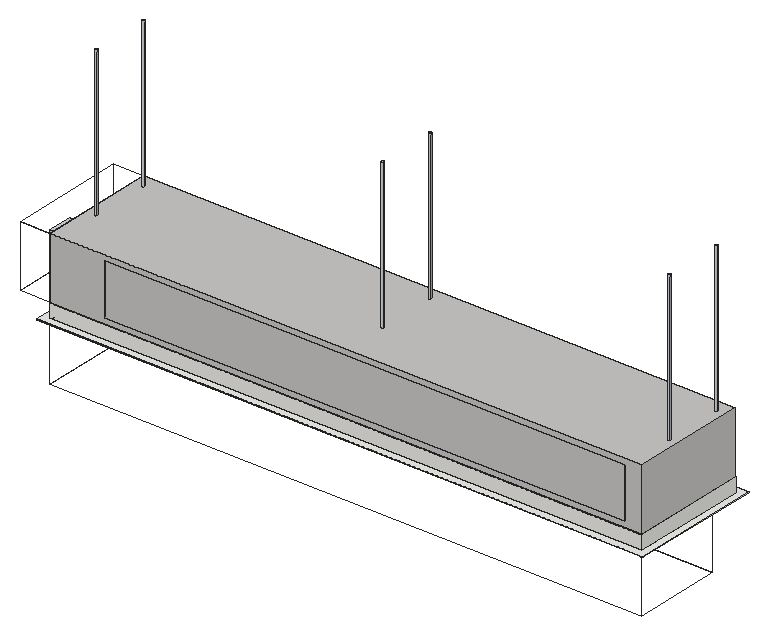
Revit family "AIRTECNICS_AIR CURTAIN_RECESSED OPTIMA_ELECTRICAL HEATED (E)_MONOPHASE123", category Equipos mecánicos, Revit 2016
Family settings
  Tipo de pieza = Normal
  Cota de conector redondo = Diámetro de uso
  Número OmniClass = 23.75.70.21.17
  Título OmniClass = Air Curtains
  Se basa en plano de trabajo = No
  Siempre vertical = Sí
  Corte con vacíos al cargar = No
  Compartido = No
  Punto de cálculo de habitación = No
Parameters (values of type "RO 2000 E230")
  · POSITION · [instance] = "-/ Select Curtain Position /-"  # constant formula
  · OTHERS · [instance] = "-/ Select Supports - Inst.Maint. Space /-"  # constant formula
  · HEATING · [instance] = "-/ Select Heating /-"  # constant formula
  Weight [instance] = size_lookup(Name_Lookup_Data, "Weight", 1.00 kg, COD)  # 53.50 kg
  Wall Supports (Horizontal) [instance] = no
  Voltage [instance] = 230 V  # constant formula
  URL_Manufacturer = "https://www.airtecnics.com"
  URL_Datasheet = "https://www.airtecnics.com/download/file/1945/recessed-optima.pdf"
  Supports Length [instance] = 500.0 mm
  Supports (Horizontal) [instance] = yes
  Revit Version = "Revit 2016 - English"  # constant formula
  Review Date = "11/2018"  # constant formula
  Remote Control = "IR-AIR"  # constant formula
  URL = "https://www.airtecnics.com/products/air-curtain-recessed-optima"
  Product Size = if(L = 1000.0 mm, "1000", if(L = 1500.0 mm, "1500", "2000"))  # "2000"
  Product Reference [instance] = size_lookup(Name_Lookup_Ref, "", "Consult Manufacturer", COD)  # "RO 2000 E230"
  Product Heating [instance] = if([E-230], "E-230", if([E-230-6 (only OPT 1500)], "E-230-6", if([E-230-9 (only OPT 1500)], "E-230-9", "Consult Manufacturer")))  # "E-230"
  Product Description [instance] = size_lookup(Name_Lookup_Data, "", "Consult Manufacturer", COD)  # "Self-supporting casing construction made of galvanized steel plate, ready to be installed recessed in a false ceiling. \r\nInlet grille (free of maintenance) made with aluminium profiles and blow-out nozzle, integrated in a single white frame colour RAL 9016. Other colours are available on request. \r\nAnodized aluminium outlet vanes, airfoil shaped.\r\nLow noise twisted cross-flow fans driven by a 2-speed external rotor motor.\r\n“E” type with electrical shielded elements, two stages with integrated regulation. \r\nIncludes Plug&Play control with 7m RJ45 cable and infrared remote control. Optional: Clever control (programmable, automatic, intelligent, energy saving, Modbus RTU for BMS…)\r\nAir Volume: 3200 m3/h \r\nFans:  0,16 kW  0,82 A 230Vx1 50Hz\r\nHeating power: 5,6/11,3 kW (230Vx1)\r\nDimensions: 446x259x2050 mm (depth, height, length)"
  Power Fans Factor [instance] = size_lookup(Name_Lookup_Data, "Power Factor", 1, COD)  # 0.85
  Power Fans [instance] = size_lookup(Name_Lookup_Data, "Power Fans", 1 kW, COD)  # 0.16 kW
  Power Factor [instance] = 1  # constant formula
  Noise Level (dB(A)) [instance] = size_lookup(Name_Lookup_Data, "Noise Level (dB(A))", 1, COD)  # 53
  Name_Lookup_Ref = "RO_(E-M)_Ref_Lookup"  # constant formula
  Name_Lookup_Data = "RO_(E-M)_Data_Lookup"  # constant formula
  Modelo = "Air Curtain RECESSED OPTIMA E Monophase"  # constant formula
  Material Grille = AIRTECNICS_Perforated_Recessed Optima_Galvanized Steel
  Material Curtain [instance] = AIRTECNICS_White RAL 9016
  Length = L + 50.0 mm + Depth - Depth  # 2050.0 mm
  Height = 259.0 mm  # constant formula
  Frequency = 50 Hz  # constant formula
  Fans Stage = 2  # constant formula
  Family Version = "1.0"  # constant formula
  Electrical Heating Capacity (kW) [instance] = if(COD = 11, "3.8/5.65", if(COD = 22, "3.8/5.65", if(COD = 42, "6/9", if(COD = 14, "5.65/11.3", "Consult Manufacturer"))))  # "5.65/11.3"
  Electrical + Current Fans [instance] = size_lookup(Name_Lookup_Data, "Electrical + Current Fans", 1 A, COD)  # 49.95 A
  E-230-9 (only OPT 1500) [instance] = no
  E-230-6 (only OPT 1500) [instance] = if(and(L = 1500.0 mm, not([E-230-9 (only OPT 1500)])), 1 = 1, 1 = 0)  # no
  E-230 [instance] = if(not(or([E-230-6 (only OPT 1500)], [E-230-9 (only OPT 1500)], L = 1500.0 mm)), 1 = 1, 1 = 0)  # yes
  Depth = 445.0 mm  # constant formula
  Current Fans [instance] = size_lookup(Name_Lookup_Data, "Current Fans", 1 A, COD)  # 0.82 A
  Created by = "BIMETRICAL"  # constant formula
  Control [instance] = "CE-2AO-IR"  # constant formula
  Cable = "CB7"  # constant formula
  COD [instance] = if(L = 1000.0 mm, 1, 0) + if(L = 1500.0 mm, 2, 0) + if(L = 2000.0 mm, 4, 0) + if([E-230], 10, 0) + if([E-230-6 (only OPT 1500)], 20, 0) + if([E-230-9 (only OPT 1500)], 40, 0)  # 14
  Aspiration/Maintenance Space [instance] = yes
  Airflow [instance] = size_lookup(Name_Lookup_Data, "Airflow", 1 m³/h, COD)  # 3200 m³/h
  L = 2000.0 mm
  Imagen de tipo = <Ninguno>
  IfcExportType = "ELECTRICHEATINGCOIL"  # constant formula
  IfcExportAs = "IfcCoilType"  # constant formula
  Horizontal [instance] = 1 = 1  # yes
  Fabricante = "AIRTECNICS"  # constant formula
  Description = ""
  Type Comments = "Self-supporting casing construction made of galvanized steel plate, ready to be installed recessed in a false ceiling. \r\nInlet grille (free of maintenance) made with aluminium profiles and blow-out nozzle, integrated in a single white frame colour RAL 9016. Other colours are available on request. \r\nAnodized aluminium outlet vanes, airfoil shaped.\r\nLow noise twisted cross-flow fans driven by a 2-speed external rotor motor.\r\n“P” type with water heated coil. “E” type with electrical shielded elements, two stages with integrated regulation. “A” type without heating, air only. \r\nIncludes Plug&Play control with 7m RJ45 cable and infrared remote control. Optional: Clever control (programmable, automatic, intelligent, energy saving, Modbus RTU for BMS…)\r\n"  # constant formula
  BIMETRICAL Category = "Coil"  # constant formula
  BIMETRICAL = "http://www.bimetrical.com"  # constant formula
  2nd power supply [instance] = size_lookup(Name_Lookup_Data, "2nd Stage", 1 VA, COD)  # 5600 VA
  1st power supply [instance] = size_lookup(Name_Lookup_Data, "1st Stage", 1 VA, COD)  # 5811 VA
Types (3, lengths in mm): name | Weight | Product Size | Product Reference | Product Heating | Product Description | Power Fans Factor | Power Fans | Noise Level (dB(A)) | Length | Electrical Heating Capacity (kW) | Electrical + Current Fans | E-230-9 (only OPT 1500) | E-230 | Current Fans | COD | Airflow | L | 2nd power supply | 1st power supply
  RO 1000 E230 | 26.00 kg | "1000" | "RO 1000 E230" | "E-230" | "Self-supporting casing construction made of galvanized steel plate, ready to be installed recessed in a false ceiling. \r\nInlet grille (free of maintenance) made with aluminium profiles and blow-out nozzle, integrated in a single white frame colour RAL 9016. Other colours are available on request. \r\nAnodized aluminium outlet vanes, airfoil shaped.\r\nLow noise twisted cross-flow fans driven by a 2-speed external rotor motor.\r\n“E” type with electrical shielded elements, two stages with integrated regulation. \r\nIncludes Plug&Play control with 7m RJ45 cable and infrared remote control. Optional: Clever control (programmable, automatic, intelligent, energy saving, Modbus RTU for BMS…)\r\nAir Volume: 1700 m3/h \r\nFans:  0,08 kW  0,41 A 230Vx1 50Hz\r\nHeating power: 3,8/5,6 kW (230Vx1)\r\nDimensions: 446x259x1050 mm (depth, height, length)" | 0.84 | 0.08 kW | 50 | 1050.0 | "3.8/5.65" | 24.97 A | no | yes | 0.41 A | 11 | 1700 m³/h | 1000.0 | 0 VA | 6080 VA
  RO 1500 E230 | 37.50 kg | "1500" | "RO 1500 E230-9" | "E-230-9" | "Self-supporting casing construction made of galvanized steel plate, ready to be installed recessed in a false ceiling. \r\nInlet grille (free of maintenance) made with aluminium profiles and blow-out nozzle, integrated in a single white frame colour RAL 9016. Other colours are available on request. \r\nAnodized aluminium outlet vanes, airfoil shaped.\r\nLow noise twisted cross-flow fans driven by a 2-speed external rotor motor.\r\n“E” type with electrical shielded elements, two stages with integrated regulation. \r\nIncludes Plug&Play control with 7m RJ45 cable and infrared remote control. Optional: Clever control (programmable, automatic, intelligent, energy saving, Modbus RTU for BMS…)\r\nAir Volume: 2200 m3/h \r\nFans:  0,117 kW  0,53 A 230Vx1 50Hz\r\nHeating power: 6/9 kW (230Vx1)\r\nDimensions: 446x259x1550 mm (depth, height, length)" | 0.96 | 0.117 kW | 51 | 1550.0 | "6/9" | 39.56 A | yes | no | 0.53 A | 42 | 2200 m³/h | 1500.0 | 3000 VA | 6117 VA
  RO 2000 E230 | 53.50 kg | "2000" | "RO 2000 E230" | "E-230" | "Self-supporting casing construction made of galvanized steel plate, ready to be installed recessed in a false ceiling. \r\nInlet grille (free of maintenance) made with aluminium profiles and blow-out nozzle, integrated in a single white frame colour RAL 9016. Other colours are available on request. \r\nAnodized aluminium outlet vanes, airfoil shaped.\r\nLow noise twisted cross-flow fans driven by a 2-speed external rotor motor.\r\n“E” type with electrical shielded elements, two stages with integrated regulation. \r\nIncludes Plug&Play control with 7m RJ45 cable and infrared remote control. Optional: Clever control (programmable, automatic, intelligent, energy saving, Modbus RTU for BMS…)\r\nAir Volume: 3200 m3/h \r\nFans:  0,16 kW  0,82 A 230Vx1 50Hz\r\nHeating power: 5,6/11,3 kW (230Vx1)\r\nDimensions: 446x259x2050 mm (depth, height, length)" | 0.85 | 0.16 kW | 53 | 2050.0 | "5.65/11.3" | 49.95 A | no | yes | 0.82 A | 14 | 3200 m³/h | 2000.0 | 5600 VA | 5811 VA
Reference planes
  plane 1 "Centro (Frontal/Posterior)": z = 0
  plane 2: y = 246.57
  plane 3 "Centro (Izquierda/Derecha)": x = 0
Dimensions and locks
  equal spacing: nested 1, plane 2, nested 1
Nested families
  nested 1: "GEOM_RECESSED OPTIMA_(A-E-P)" at (0, 246.57, -2), type "GEOM_RECESSED OPTIMA_(A-E-P)"
    with AMP no, VSUP2 yes, Number of Blades 9, L1 2050.0 mm, L 2000.0 mm, C 238.88 mm, A1 1938.0 mm, A 197.8 mm
Connectors
  electrical at (-1020, 114.32, 220.25), driven by "Voltage", driven by "1st power supply", driven by "2nd power supply"
    settings: on nested 1, index 1, voltage 230 V, apparent load 0 VA, apparent load phase1 5811 VA, apparent load phase2 5600 VA, apparent load phase3 0 VA, power factor 1, load classification "HVAC", number of poles 2, system type 31, power factor state 1, is connector primary yes, connector utility no, sub classification motor no, connector description ""
Definition of nested family "GEOM_RECESSED OPTIMA_(A-E-P)"
  Parameters (values of type "GEOM_RECESSED OPTIMA_(A-E-P)")
    Wall Supports (Horizontal) = no
    VSUP2 = if(and(Supports Length > 0.0 mm, L = 2000.0 mm, [Supports (Horizontal)]), 1 = 1, 1 = 0)  # no
    VSUP1 = if(and(Supports Length > 0.0 mm, [Supports (Horizontal)]), 1 = 1, 1 = 0)  # yes
    Supports Length = 500.0 mm
    Supports (Horizontal) = yes
    Revit Version = "Revit 2016 - English"  # constant formula
    Review Date = "10/2018"  # constant formula
    P2 = not(P1)  # no
    P1 = yes
    P = no
    Number of Blades = if(L = 1000.0 mm, 5, if(L = 1500.0 mm, 7, 9))  # 5
    Model = "RECESSED OPTIMA"  # constant formula
    Material Grille = none
    Material Curtain = none
    Manufacturer = "AIRTECNICS"  # constant formula
    L_sup = if(Supports Length = 0.0 mm, 1.0 mm, Supports Length)  # 500.0 mm
    L2 = if(P1, 85.0 mm, L1 - (120.0 mm))  # 85.0 mm
    L1 = L + 50.0 mm  # 1050.0 mm
    L = 1000.0 mm
    Family Version = "1.0"  # constant formula
    E = yes
    D_Con = 15 mm
    Created by = "BIMETRICAL"  # constant formula
    C = if(L = 1000.0 mm, 227.75 mm, if(L = 1500.0 mm, 235.1 mm, 238.88 mm))  # 227.75 mm
    BIMETRICAL = "http://www.bimetrical.com/"  # constant formula
    B1 = if(and([Wall Supports (Horizontal)], not([Supports (Horizontal)]), L = 2000.0 mm), 30.0 mm, 1.0 mm)  # 1.0 mm
    B = if([Supports (Horizontal)], 1.0 mm, if(not([Wall Supports (Horizontal)]), 1.0 mm, 30.0 mm))  # 1.0 mm
    Aspiration/Maintenance Space = yes
    AMP [instance] = if(and([Aspiration/Maintenance Space], P), 1 = 1, 1 = 0)  # no
    A1 = L - 62.0 mm  # 938.0 mm
    A-P = not(E)  # no
    A = (L - 22.0 mm) / (Number of Blades + 1)  # 163.0 mm
  Reference planes
    plane 1 "Centro (Frontal/Posterior)": y = 0
    plane 2: z = 0
    plane 3 "Centro (Izquierda/Derecha)": x = 0
    plane 4: x = -500
    plane 5: y = 222.5
    plane 6: x = 500
    plane 7: y = -222.5
    plane 8: y = 198
    plane 9: y = -198
    plane 10: x = -525
    plane 11: x = 525
    plane 12: z = 259
    plane 13: z = 50
    plane 14: z = 2
    plane 15: x = -501
    plane 16: x = 501
    plane 17: x = -469
    plane 18: x = 469
    plane 19: y = 157
    plane 20: y = -43
    plane 21: y = -43
    plane 22: y = 157
    plane 23: z = 90
    plane 24: z = 220
    plane 25: x = -469
    plane 26: x = 469
    plane 27: z = 220
    plane 28: z = 90
    plane 29: x = -455.5
    plane 30: x = -227.75
    plane 31: x = -440
    plane 32: y = -11
    plane 33: x = -405
    plane 34: y = -47
  Forms (mm)
    Extrusion 1, solid
      sketch origin (-1376.546, -1524, 259) x (-1, 0, 0) y (0, -1, 0)
        loop
          line (-876.546, -1721.5) -> (-876.546, -1326.5) -> (-1876.546, -1326.5) -> (-1876.546, -1721.5) -> (-876.546, -1721.5)
      from 0 to -209
    Sweep 2, solid, material <- "Material Curtain"
      path origin (-1376.546, -1524, 259) x (-1, 0, 0) y (0, -1, 0)
        loop
          line (-851.546, -1746.5) -> (-851.546, -1301.5) -> (-1901.546, -1301.5) -> (-1901.546, -1746.5) -> (-851.546, -1746.5)
      profile origin (-525, 0, 259) x (-1, 0, 0) y (0, 0, 1)
        loop
          line (0, -259) -> (0, -257) -> (-24, -257) -> (-24, -209) -> (-25, -209) -> (-25, -259) -> (0, -259)
    Extrusion 3, solid, visible <- "VSUP1"
      sketch origin (-1376.546, -1524, 259) x (-1, 0, 0) y (0, -1, 0)
        loop
          circle (-907.546, -1681) r 4
        loop
          circle (-907.546, -1481) r 4
        loop
          circle (-1845.546, -1681) r 4
        loop
          circle (-1845.546, -1481) r 4
      from 0 to 500
    Extrusion 4, solid, visible <- "VSUP2"
      sketch origin (-1376.546, -1524, 259) x (-1, 0, 0) y (0, -1, 0)
        loop
          circle (-1376.546, -1481) r 4
        loop
          circle (-1376.546, -1681) r 4
      from 0 to 500
    Extrusion 5, void
      sketch origin (-1802.24, 198, 1200) x (-1, 0, 0) y (0, 0, 1)
        loop
          circle (-1333.24, -980) r 4
        loop
          circle (-1333.24, -1110) r 4
        loop
          circle (-2271.24, -980) r 4
        loop
          circle (-2271.24, -1110) r 4
      from 23.5 to 24.5
    Extrusion 6, void
      sketch origin (-1802.24, 198, 1200) x (-1, 0, 0) y (0, 0, 1)
        loop
          circle (-1802.24, -980) r 4
        loop
          circle (-1802.24, -1110) r 4
      from 23.5 to 24.5
    Extrusion 7, solid, material <- "Material Curtain"
      sketch origin (0, 0, 0) x (0, 1, 0) y (0, 0, 1)
        loop
          line (117.506, 0.003) -> (120.506, 0.003) -> (120.506, 25.003) -> (117.506, 25.003) -> (117.506, 0.003)
        loop
          line (131.506, 0.003) -> (134.506, 0.003) -> (134.506, 25.003) -> (131.506, 25.003) -> (131.506, 0.003)
        loop
          line (145.506, 0.003) -> (148.506, 0.003) -> (148.506, 25.003) -> (145.506, 25.003) -> (145.506, 0.003)
        loop
          line (159.506, 0.003) -> (162.506, 0.003) -> (162.506, 25.003) -> (159.506, 25.003) -> (159.506, 0.003)
        loop
          line (173.501, 0.003) -> (176.501, 0.003) -> (176.501, 45.003) -> (173.501, 45.003) -> (173.501, 15.939) -> (173.501, 0.003)
        loop
          line (187.501, 0.003) -> (190.501, 0.003) -> (190.501, 25.003) -> (187.501, 25.003) -> (187.501, 0.003)
      from -500 to 500
    Extrusion 8, solid, material <- "Material Curtain"
      sketch origin (0, 0, 0) x (0, 1, 0) y (0, 0, 1)
        loop
          line (87.6, 2.798) -> (103.505, 15.003) -> (103.505, 25.003) -> (102.205, 25.003) -> (102.205, 15.644) -> (87.203, 4.132)
          arc (87.203, 4.132) -> (83.435, 1.976) -> (79.158, 1.238) r 12.5
          arc (79.158, 1.238) -> (78.507, 0.539) -> (79.256, -0.054) r 0.65
          arc (79.256, -0.054) -> (83.662, 0.688) -> (87.6, 2.798) r 13.8
        loop
          line (63.1, 2.798) -> (79.005, 15.003) -> (79.005, 25.003) -> (77.705, 25.003) -> (77.705, 15.644) -> (62.703, 4.132)
          arc (62.703, 4.132) -> (58.935, 1.976) -> (54.658, 1.238) r 12.5
          arc (54.658, 1.238) -> (54.007, 0.539) -> (54.756, -0.054) r 0.65
          arc (54.756, -0.054) -> (59.162, 0.688) -> (63.1, 2.798) r 13.8
        loop
          line (38.6, 2.798) -> (54.505, 15.003) -> (54.505, 25.003) -> (53.205, 25.003) -> (53.205, 15.644) -> (38.203, 4.132)
          arc (38.203, 4.132) -> (34.435, 1.976) -> (30.158, 1.238) r 12.5
          arc (30.158, 1.238) -> (29.507, 0.539) -> (30.256, -0.054) r 0.65
          arc (30.256, -0.054) -> (34.662, 0.688) -> (38.6, 2.798) r 13.8
        loop
          line (14.1, 2.798) -> (30.005, 15.003) -> (30.005, 25.003) -> (28.705, 25.003) -> (28.705, 15.644) -> (13.703, 4.132)
          arc (13.703, 4.132) -> (9.935, 1.976) -> (5.658, 1.238) r 12.5
          arc (5.658, 1.238) -> (5.007, 0.539) -> (5.756, -0.054) r 0.65
          arc (5.756, -0.054) -> (10.162, 0.688) -> (14.1, 2.798) r 13.8
        loop
          line (-10.4, 2.798) -> (5.505, 15.003) -> (5.505, 25.003) -> (4.205, 25.003) -> (4.205, 15.644) -> (-10.797, 4.132)
          arc (-10.797, 4.132) -> (-14.565, 1.976) -> (-18.842, 1.238) r 12.5
          arc (-18.842, 1.238) -> (-19.493, 0.539) -> (-18.744, -0.054) r 0.65
          arc (-18.744, -0.054) -> (-14.338, 0.688) -> (-10.4, 2.798) r 13.8
        loop
          line (-34.9, 2.798) -> (-18.995, 15.003) -> (-18.995, 25.003) -> (-20.295, 25.003) -> (-20.295, 15.644) -> (-35.297, 4.132)
          arc (-35.297, 4.132) -> (-39.065, 1.976) -> (-43.342, 1.238) r 12.5
          arc (-43.342, 1.238) -> (-43.993, 0.539) -> (-43.244, -0.054) r 0.65
          arc (-43.244, -0.054) -> (-38.838, 0.688) -> (-34.9, 2.798) r 13.8
        loop
          line (-59.4, 2.798) -> (-43.495, 15.003) -> (-43.495, 25.003) -> (-44.795, 25.003) -> (-44.795, 15.644) -> (-59.797, 4.132)
          arc (-59.797, 4.132) -> (-63.565, 1.976) -> (-67.842, 1.238) r 12.5
          arc (-67.842, 1.238) -> (-68.493, 0.539) -> (-67.744, -0.054) r 0.65
          arc (-67.744, -0.054) -> (-63.338, 0.688) -> (-59.4, 2.798) r 13.8
        loop
          line (-83.9, 2.798) -> (-67.995, 15.003) -> (-67.995, 25.003) -> (-69.295, 25.003) -> (-69.295, 15.644) -> (-84.297, 4.132)
          arc (-84.297, 4.132) -> (-88.065, 1.976) -> (-92.342, 1.238) r 12.5
          arc (-92.342, 1.238) -> (-92.993, 0.539) -> (-92.244, -0.054) r 0.65
          arc (-92.244, -0.054) -> (-87.838, 0.688) -> (-83.9, 2.798) r 13.8
        loop
          line (-108.4, 2.798) -> (-92.495, 15.003) -> (-92.495, 25.003) -> (-93.795, 25.003) -> (-93.795, 15.644) -> (-108.797, 4.132)
          arc (-108.797, 4.132) -> (-112.565, 1.976) -> (-116.842, 1.238) r 12.5
          arc (-116.842, 1.238) -> (-117.493, 0.539) -> (-116.744, -0.054) r 0.65
          arc (-116.744, -0.054) -> (-112.338, 0.688) -> (-108.4, 2.798) r 13.8
        loop
          line (-132.9, 2.798) -> (-116.995, 15.003) -> (-116.995, 25.003) -> (-118.295, 25.003) -> (-118.295, 15.644) -> (-133.297, 4.132)
          arc (-133.297, 4.132) -> (-137.065, 1.976) -> (-141.342, 1.238) r 12.5
          arc (-141.342, 1.238) -> (-141.993, 0.539) -> (-141.244, -0.054) r 0.65
          arc (-141.244, -0.054) -> (-136.838, 0.688) -> (-132.9, 2.798) r 13.8
        loop
          line (-157.4, 2.798) -> (-141.495, 15.003) -> (-141.495, 25.003) -> (-142.795, 25.003) -> (-142.795, 15.644) -> (-157.797, 4.132)
          arc (-157.797, 4.132) -> (-161.565, 1.976) -> (-165.842, 1.238) r 12.5
          arc (-165.842, 1.238) -> (-166.493, 0.539) -> (-165.744, -0.054) r 0.65
          arc (-165.744, -0.054) -> (-161.338, 0.688) -> (-157.4, 2.798) r 13.8
        loop
          line (-181.9, 2.798) -> (-165.995, 15.003) -> (-165.995, 25.003) -> (-167.295, 25.003) -> (-167.295, 15.644) -> (-182.297, 4.132)
          arc (-182.297, 4.132) -> (-186.065, 1.976) -> (-190.342, 1.238) r 12.5
          arc (-190.342, 1.238) -> (-190.993, 0.539) -> (-190.244, -0.054) r 0.65
          arc (-190.244, -0.054) -> (-185.838, 0.688) -> (-181.9, 2.798) r 13.8
      from -500 to 500
    Extrusion 9, solid
      sketch origin (0, 0, 0) x (0, 1, 0) y (0, 0, 1)
        loop
          line (106.505, 50) -> (103.505, 50) -> (103.505, 0) -> (106.505, 0) -> (106.505, 50)
      from -500 to 500
    Extrusion 10, solid
      sketch origin (-4, 0, -5.538) x (1, 0, 0) y (0, 1, 0)
        loop
          line (-455.5, 196.005) -> (-455.5, 106.505) -> (-447.5, 106.505) -> (-447.5, 196.005) -> (-455.5, 196.005)
      from 20.94 to 28.94
    Extrusion 11, solid
      sketch origin (223.75, 0, -5.538) x (1, 0, 0) y (0, 1, 0)
        loop
          line (-455.5, 196.005) -> (-455.5, 106.505) -> (-447.5, 106.505) -> (-447.5, 196.005) -> (-455.5, 196.005)
      from 20.94 to 28.94
    Extrusion 12, solid
      sketch origin (451.5, 0, -5.538) x (1, 0, 0) y (0, 1, 0)
        loop
          line (-455.5, 196.005) -> (-455.5, 106.505) -> (-447.5, 106.505) -> (-447.5, 196.005) -> (-455.5, 196.005)
      from 20.94 to 28.94
    Extrusion 13, solid
      sketch origin (679.25, 0, -5.538) x (1, 0, 0) y (0, 1, 0)
        loop
          line (-455.5, 196.005) -> (-455.5, 106.505) -> (-447.5, 106.505) -> (-447.5, 196.005) -> (-455.5, 196.005)
      from 20.94 to 28.94
    Extrusion 14, solid
      sketch origin (907, 0, -5.538) x (1, 0, 0) y (0, 1, 0)
        loop
          line (-455.5, 196.005) -> (-455.5, 106.505) -> (-447.5, 106.505) -> (-447.5, 196.005) -> (-455.5, 196.005)
      from 20.94 to 28.94
    Extrusion 15, void
      sketch origin (-1802.24, -198, 1200) x (-1, 0, 0) y (0, 0, -1)
        loop
          line (-1486.22, 960.7) -> (-1486.22, 1130.7) -> (-2244.49, 1130.7) -> (-2244.49, 960.7) -> (-1486.22, 960.7)
      from 0 to -10
    Extrusion 16, solid, material <- "Material Grille"
      sketch origin (-1802.24, -198, 1200) x (-1, 0, 0) y (0, 0, -1)
        loop
          line (-1486.22, 1130.7) -> (-2244.49, 1130.7) -> (-2244.49, 960.7) -> (-1486.22, 960.7) -> (-1486.22, 1130.7)
      from 0 to -10
    Extrusion 17, solid, visible <- "E"
      sketch origin (-500, 490.93, 1200) x (0, 1, 0) y (0, 0, 1)
        loop
          line (-580.68, -948.75) -> (-665.68, -948.75) -> (-665.68, -1006.75) -> (-580.68, -1006.75) -> (-580.68, -948.75)
      from 0 to -20
    Extrusion 18, solid, visible <- "P"
      sketch origin (-1376.546, -1524, 259) x (-1, 0, 0) y (0, -1, 0)
        loop
          circle (-971.546, -1477) r 7.5
        loop
          circle (-936.546, -1513) r 7.5
      from 0 to 15
    Extrusion 19, solid, visible <- "Aspiration/Maintenance Space"
      sketch origin (0, 0, 0) x (0, 1, 0) y (0, 0, 1)
        loop
          line (103.505, 0) -> (-198.495, 0) -> (-198.495, -200) -> (103.505, -200) -> (103.505, 0)
      from -500 to 500
    Extrusion 20, solid, visible <- "A-P"
      sketch origin (500, 490.93, 1200) x (0, 1, 0) y (0, 0, -1)
        loop
          line (-585.06, 1037.1) -> (-585.06, 1127.6) -> (-628.06, 1127.6) -> (-628.06, 1037.1) -> (-585.06, 1037.1)
      from 1020 to 1000
    Extrusion 21, solid, visible <- "Aspiration/Maintenance Space"
      sketch origin (0, 0, 0) x (-1, 0, 0) y (0, -1, 0)
        loop
          line (500, -198.5) -> (601, -198.5) -> (601, 198.5) -> (500, 198.5) -> (500, -198.5)
      from 50 to 259
    Extrusion 22, solid, visible <- "AMP"
      sketch origin (0, 0, 0) x (1, 0, 0) y (0, 0, 1)
        loop
          line (-500, 259) -> (500, 259) -> (500, 359) -> (-500, 359) -> (-500, 259)
      from -198 to 198
  Cuts and joins
    Extrusion 5, Extrusion 6, Extrusion 15 cuts Extrusion 1
  Lines and regions (mm)
    symbolic lines
      curve 1: line (-525, 222.5, 0) -> (525, 222.5, 0)
      curve 2: line (-525, -222.5, 0) -> (-525, 222.5, 0)
      curve 3: line (525, -222.5, 0) -> (-525, -222.5, 0)
      curve 4: line (525, 222.5, 0) -> (525, -222.5, 0)
      curve 5: line (-500, 197.5, 0) -> (500, 197.5, 0)
      curve 6: line (-500, -197.5, 0) -> (-500, 197.5, 0)
      curve 7: line (500, -197.5, 0) -> (-500, -197.5, 0)
      curve 8: line (500, 197.5, 0) -> (500, -197.5, 0)
      curve 11: line (-500, 103.505, 0) -> (500, 103.505, 0)
    symbolic lines, visible <- "P"
      curve 9: circle (-440, -11, 0) r 7.5 normal (0, 0, 1)
      curve 10: circle (-405, -47, 0) r 7.5 normal (0, 0, 1)
    symbolic lines, visible <- "Aspiration/Maintenance Space"
      curve 12: line (500, 0, -0.062) -> (500, 0, -200)
      curve 13: line (500, 0, -200) -> (-500, 0, -200)
      curve 14: line (-500, 0, -200) -> (-500, 0, -0.062)
      curve 15: line (0, 197.5, 259) -> (0, 197.5, 359)
      curve 16: line (0, 197.5, 359) -> (0, -197.5, 359)
      curve 17: line (0, -197.5, 359) -> (0, -197.5, 259)
      curve 18: line (0, 103.505, 0) -> (0, 103.505, -200)
      curve 19: line (0, 103.505, -200) -> (0, -198.495, -200)
      curve 20: line (0, -198.495, -200) -> (0, -198.495, 0)
      curve 21: line (-500, 0, 259) -> (-601, 0, 259)
      curve 22: line (-601, 0, 259) -> (-601, 0, 50)
      curve 23: line (-601, 0, 50) -> (-500, 0, 50)
      curve 27: line (-501, 198.5, 0) -> (-601, 198.5, 0)
      curve 28: line (-601, 198.5, 0) -> (-601, -198.5, 0)
      curve 29: line (-601, -198.5, 0) -> (-500, -198.5, 0)
    symbolic lines, visible <- "AMP"
      curve 24: line (-500, 0, 259) -> (-500, 0, 359)
      curve 25: line (-500, 0, 359) -> (500, 0, 359)
      curve 26: line (500, 0, 359) -> (500, 0, 259)
  Dimensions and locks
    equal spacing: plane 5, plane 1 "Centro (Frontal/Posterior)", plane 7
    equal spacing: plane 4, plane 3 "Centro (Izquierda/Derecha)", plane 6
    locked: plane 7 to plane 5 at 445
    "L": plane 4 to plane 6
    equal spacing: plane 10, plane 3 "Centro (Izquierda/Derecha)", plane 11
    "L1": plane 10 to plane 11
    equal spacing: plane 8, plane 1 "Centro (Frontal/Posterior)", plane 9
    plane 9 to plane 8 = 396.0 mm
    locked: plane 12 to level at 259
    locked: plane 13 to level at 50
    plane 14 to level = 2.0 mm
    locked: plane 4 to plane 15 at 1
    locked: plane 6 to plane 16 at 1
    equal spacing: plane 17, plane 3 "Centro (Izquierda/Derecha)", plane 18
    "A1": plane 17 to plane 18
    "L_sup": Extrusion 3 to plane 12
    "L_sup": Extrusion 4 to plane 12
    plane 23 to level = 90.0 mm
    plane 24 to plane 23 = 130.0 mm
    plane 12 to plane 24 = 39.0 mm
    equal spacing: plane 26, plane 3 "Centro (Izquierda/Derecha)", plane 25
    "A1": plane 26 to plane 25
    "B": plane 5 to Extrusion 5
    "B1": plane 5 to Extrusion 6
    plane 10 to cut or joined group of Extrusion 1, Extrusion 5, Extrusion 6, Extrusion 15 = 25.0 mm
    equal spacing: group 1, group 2, group 3, group 4, group 5  (x3)
    "C": plane 29 to plane 30
    locked: plane 10 to plane 29 at 69.5
    locked: Extrusion 10 sketch curve to Extrusion 10 sketch curve at 89.5
    locked: Extrusion 10 sketch curve to Extrusion 10 sketch curve at 8
    locked: Extrusion 11 sketch curve to Extrusion 11 sketch curve at 89.5
    locked: Extrusion 11 sketch curve to Extrusion 11 sketch curve at 8
    locked: Extrusion 12 sketch curve to Extrusion 12 sketch curve at 89.5
    locked: Extrusion 12 sketch curve to Extrusion 12 sketch curve at 8
    locked: Extrusion 13 sketch curve to Extrusion 13 sketch curve at 89.5
    locked: Extrusion 13 sketch curve to Extrusion 13 sketch curve at 8
    locked: Extrusion 14 sketch curve to Extrusion 14 sketch curve at 89.5
    locked: Extrusion 14 sketch curve to Extrusion 14 sketch curve at 8
    locked: Extrusion 10 to plane 29 at 4
    Extrusion 11 to plane 30 to Extrusion 11 = 4.0 mm locked, 4.0 mm locked
    locked: plane 12 to Extrusion 15 sketch curve at 19.7
    plane 12 to Extrusion 15 sketch curve = 189.7 mm
    locked: Extrusion 15 sketch curve to plane 4 at 183.98
    locked: Extrusion 15 sketch curve to plane 6 at 57.75
    "L2": plane 10 to plane 31
    locked: plane 31 to plane 33 at 35
    plane 7 to Extrusion 19 sketch curve to Extrusion 19 sketch curve = 24.005 mm, 302.0 mm locked
    locked: Extrusion 19 sketch curve to Extrusion 19 sketch curve at 200
    locked: Extrusion 17 sketch curve to Extrusion 17 sketch curve at 58
    locked: Extrusion 17 sketch curve to Extrusion 17 sketch curve at 85
    locked: Extrusion 17 sketch curve to plane 9 at 23.25
    locked: Extrusion 17 sketch curve to plane 13 at 143.25
    locked: Extrusion 20 sketch curve to Extrusion 20 sketch curve at 43
    locked: Extrusion 20 sketch curve to Extrusion 20 sketch curve at 90.5
    locked: Extrusion 20 sketch curve to plane 7 at 85.37
    locked: Extrusion 20 sketch curve to plane 13 at 22.4
    locked: plane 8 to plane 19 at 41
    locked: plane 20 to plane 19 at 200
    locked: plane 8 to plane 22 at 41
    locked: plane 22 to plane 21 at 200
    locked: plane 8 to plane 32 at 209
    locked: plane 8 to plane 34 at 245
    plane 4 to plane 31 = 60.0 mm
    Extrusion 22 sketch curve to Extrusion 21 = 100.0 mm
    "D_Con": diameter of Extrusion 18 sketch curve  (x2)
    aligned and locked: level to plane 2
    aligned and locked: plane 4 to Extrusion 1 sketch curve
    aligned and locked: plane 6 to Extrusion 1 sketch curve
    aligned and locked: Extrusion 1 to plane 13
    aligned and locked: plane 10 to Sweep 2 sketch curve
    aligned and locked: plane 11 to Sweep 2 sketch curve
    aligned and locked: Sweep 2 sketch curve to plane 10
    aligned and locked: plane 14 to Sweep 2 sketch curve
    aligned and locked: Sweep 2 sketch curve to level
    aligned and locked: plane 4 to Sweep 2 sketch curve
    aligned and locked: plane 13 to Sweep 2 sketch curve
    aligned and locked: plane 17 to Extrusion 3 sketch curve  (x2)
    aligned and locked: plane 18 to Extrusion 3 sketch curve  (x2)
    aligned and locked: plane 3 "Centro (Izquierda/Derecha)" to Extrusion 4 sketch curve  (x2)
    aligned and locked: plane 26 to Extrusion 5 sketch curve  (x2)
    aligned and locked: plane 25 to Extrusion 5 sketch curve  (x2)
    aligned and locked: plane 5 to Extrusion 6
    aligned and locked: Extrusion 1 sketch curve to Sweep 2  (x2)
    aligned and locked: Extrusion 7 to plane 4
    aligned and locked: Extrusion 7 to plane 6
    aligned and locked: Extrusion 8 to plane 6
    aligned and locked: Extrusion 8 to plane 4
    aligned and locked: Extrusion 9 to plane 6
    aligned and locked: Extrusion 9 to plane 4
    aligned and locked: Extrusion 16 sketch curve to cut or joined group of Extrusion 1, Extrusion 5, Extrusion 6, Extrusion 15  (x4)
    aligned and locked: plane 31 to Extrusion 18 sketch curve
    aligned and locked: Extrusion 18 sketch curve to plane 32
    aligned and locked: plane 33 to Extrusion 18 sketch curve
    aligned and locked: Extrusion 18 sketch curve to plane 34
    aligned and locked: Extrusion 19 to plane 6
    aligned and locked: Extrusion 19 to plane 4
    aligned and locked: curve 1 to Sweep 2
    aligned and locked: curve 2 to Sweep 2
    aligned and locked: curve 3 to Sweep 2
    aligned and locked: curve 4 to Sweep 2
    aligned and locked: curve 5 to Sweep 2
    aligned and locked: curve 6 to Sweep 2
    aligned and locked: curve 7 to Sweep 2
    aligned and locked: curve 8 to Sweep 2
    aligned and locked: curve 9 to Extrusion 18
    aligned and locked: curve 10 to Extrusion 18
    aligned and locked: curve 11 to Extrusion 8
    aligned and locked: plane 4 to Extrusion 20
    aligned and locked: Extrusion 17 to Extrusion 20
    aligned and locked: Extrusion 22 sketch curve to cut or joined group of Extrusion 1, Extrusion 5, Extrusion 6, Extrusion 15
    aligned and locked: Extrusion 22 sketch curve to plane 6
    aligned and locked: plane 8 to Extrusion 22
    aligned and locked: plane 9 to Extrusion 22
  Automatic sketch dimensions
    curve 22 to plane 13 = 0.0 mm
    curve 22 to plane 12 = 0.0 mm
    curve 14 to plane 4 = 0.0 mm
    curve 21 to plane 4 = 0.0 mm
    curve 23 to plane 4 = 0.0 mm
    plane 6 to curve 13 = 0.0 mm
    plane 6 to curve 25 = 0.0 mm
    curve 26 to plane 12 = 0.0 mm
    curve 21 to plane 10 = 76.0 mm
    curve 14 to level = 200.0 mm
    plane 12 to curve 25 = 100.0 mm
    curve 12 to level = 0.062 mm
    curve 14 to level = 0.062 mm
    curve 27 to plane 15 = 0.0 mm
    curve 29 to plane 4 = 0.0 mm
    plane 8 to curve 27 = 0.5 mm
    curve 27 to plane 10 = 76.0 mm
    plane 9 to curve 28 = 0.5 mm
    Sweep 2 sketch curve to plane 5 = 0.0 mm
    plane 7 to Sweep 2 sketch curve = 0.0 mm
    Sweep 2 sketch curve to Sweep 2 sketch curve = 1.0 mm
    Extrusion 4 sketch curve to plane 22 = 0.0 mm
    Extrusion 4 sketch curve to plane 21 = 0.0 mm
    Extrusion 6 sketch curve to plane 3 "Centro (Izquierda/Derecha)" = 0.0 mm  (x2)
    Extrusion 6 sketch curve to plane 28 = 0.0 mm
    Extrusion 6 sketch curve to plane 27 = 0.0 mm
    level to Extrusion 7 sketch curve = 0.003 mm  (x6)
    Extrusion 7 sketch curve to plane 8 = 80.494 mm
    Extrusion 7 sketch curve to Extrusion 7 sketch curve = 3.0 mm  (x6)
    Extrusion 7 sketch curve to Extrusion 7 sketch curve = 11.0 mm  (x3)
    Extrusion 7 sketch curve to Extrusion 7 sketch curve = 10.995 mm
    Extrusion 7 sketch curve to plane 8 = 10.499 mm
    plane 14 to Extrusion 7 sketch curve = 13.939 mm
    plane 14 to Extrusion 7 sketch curve = 23.003 mm
    Extrusion 7 sketch curve to Extrusion 7 sketch curve = 0.0 mm  (x3)
    Extrusion 7 sketch curve to Extrusion 7 sketch curve = 9.063 mm
    Extrusion 7 sketch curve to plane 13 = 4.997 mm
    level to Extrusion 8 sketch curve = 0.588 mm  (x12)
    Extrusion 8 sketch curve to plane 9 = 7.655 mm
    Extrusion 8 sketch curve to plane 9 = 7.699 mm
    Extrusion 8 sketch curve to Extrusion 8 sketch curve = 0.006 mm  (x12)
    plane 14 to Extrusion 8 sketch curve = 2.132 mm  (x12)
    Extrusion 8 sketch curve to Extrusion 8 sketch curve = 8.048 mm  (x12)
    plane 14 to Extrusion 8 sketch curve = 0.798 mm  (x12)
    Extrusion 8 sketch curve to Extrusion 8 sketch curve = 0.397 mm  (x12)
    Extrusion 8 sketch curve to Extrusion 8 sketch curve = 23.001 mm
    Extrusion 8 sketch curve to Extrusion 8 sketch curve = 1.3 mm  (x12)
    Extrusion 8 sketch curve to Extrusion 8 sketch curve = 0.15 mm  (x10)
    Extrusion 8 sketch curve to Extrusion 8 sketch curve = 0.193 mm  (x11)
    plane 14 to Extrusion 8 sketch curve = 13.644 mm  (x4)
    Extrusion 8 sketch curve to Extrusion 8 sketch curve = 15.002 mm  (x7)
    Extrusion 8 sketch curve to Extrusion 8 sketch curve = 23.2 mm  (x2)
    plane 1 "Centro (Frontal/Posterior)" to Extrusion 8 sketch curve = 20.295 mm
    Extrusion 8 sketch curve to plane 1 "Centro (Frontal/Posterior)" = 4.205 mm
    Extrusion 8 sketch curve to plane 1 "Centro (Frontal/Posterior)" = 5.655 mm
    plane 14 to Extrusion 8 sketch curve = 13.003 mm  (x2)
    plane 14 to Extrusion 8 sketch curve = 11.738 mm  (x8)
    Extrusion 8 sketch curve to Extrusion 8 sketch curve = 1.906 mm  (x3)
    Extrusion 8 sketch curve to Extrusion 8 sketch curve = 1.264 mm
    Extrusion 8 sketch curve to Extrusion 8 sketch curve = 0.008 mm  (x12)
    Extrusion 8 sketch curve to Extrusion 8 sketch curve = 1.257 mm  (x10)
    Extrusion 8 sketch curve to Extrusion 8 sketch curve = 0.641 mm  (x8)
    Extrusion 8 sketch curve to Extrusion 8 sketch curve = 9.359 mm  (x12)
    Extrusion 8 sketch curve to Extrusion 8 sketch curve = 0.0 mm  (x12)
    Extrusion 9 sketch curve to plane 13 = 0.0 mm
    Extrusion 9 sketch curve to level = 0.0 mm
    Extrusion 9 sketch curve to plane 8 = 94.495 mm
    Extrusion 9 sketch curve to Extrusion 9 sketch curve = 3.0 mm
    Extrusion 19 sketch curve to level = 0.0 mm
    curve 20 to level = 0.0 mm
    curve 17 to plane 12 = 0.0 mm
    curve 18 to level = 0.0 mm
    curve 15 to plane 12 = 0.0 mm
    plane 9 to curve 20 = 0.495 mm
    curve 17 to plane 9 = 0.5 mm
    curve 18 to plane 8 = 94.495 mm
    curve 15 to plane 8 = 0.5 mm
    curve 18 to level = 200.0 mm
    curve 15 to curve 16 = 100.0 mm
    Extrusion 21 sketch curve to plane 4 = 0.0 mm
    plane 9 to Extrusion 21 sketch curve = 0.5 mm
    Extrusion 21 sketch curve to plane 10 = 76.0 mm
    plane 8 to Extrusion 21 sketch curve = 0.5 mm
    Extrusion 22 sketch curve to plane 12 = 0.0 mm
    Extrusion 3 sketch curve to plane 19 = 0.0 mm  (x2)
    plane 20 to Extrusion 3 sketch curve = 0.0 mm  (x2)
    Extrusion 5 sketch curve to plane 23 = 0.0 mm  (x2)
    Extrusion 5 sketch curve to plane 24 = 0.0 mm  (x2)
    radius of Extrusion 4 sketch curve = 4.0 mm  (x2)
    radius of Extrusion 6 sketch curve = 4.0 mm  (x2)
    radius of Extrusion 3 sketch curve = 4.0 mm  (x4)
    radius of Extrusion 5 sketch curve = 4.0 mm  (x4)
